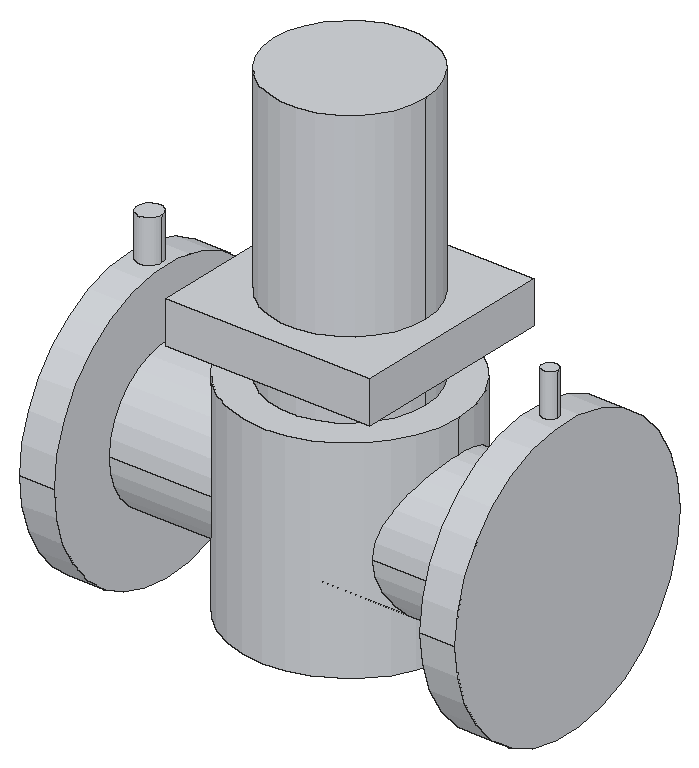
Revit family "PV_Compact_PN16_DN080_(50-200kPa)_RFA_2018", category Pipe Accessories, Revit 2018
Family settings
  Round Connector Dimension = Use Diameter
  Part Type = Valve - Breaks Into
  Work Plane-Based = No
  Always vertical = Yes
  Cut with Voids When Loaded = No
  Shared = No
Parameters (values of type "PV Compact PN16 DN080 (50-200kPa)")
  magiProductId = "56ecf79d7ca14ffb95f20ac45086c0"
  magiProductFamilyId = "c8b2eac19a98445b953ec5ab518664"
  magiPartTypeId = 304
  isMeasuringValve [instance] = no
  ang2D [instance] = 0.00°
  W2D = 50 mm
  VersionID = "2.0/2018.12.13.2/FRESE_PV_COMPACT_BIG_Q13_001"
  Use Minimum Symbol Size [instance] = no
  URL = "www.hydronic.cz"
  Type Comments = "PŘÍRUBOVÝ; PN16; dpmax=1000kPa; -10~+120°C"
  R4 = 54.25 mm
  R3 = 52 mm
  R1 = 77.5 mm
  QmdConnectorList = "301;D;302;D"
  Productdata [instance] = ""
  Manufacturer = "Hydronic Systems Prague s.r.o."
  Maintenance Zone Under Depth [instance] = 100 mm
  Maintenance Zone Right Depth [instance] = 100 mm
  Maintenance Zone Over Depth [instance] = 100 mm
  Maintenance Zone Left Depth [instance] = 100 mm
  Maintenance Zone Front Depth [instance] = 100 mm
  Maintenance Zone Back Depth [instance] = 100 mm
  Maintenance Zone Front Visibility [instance] = no
  MC Use Limits From Balancing Method = no
  MC Throttling Minimum Value = 0
  MC Throttling Maximum Value = 0
  MC Product Code = "53-3307 DN080 PN16; nastavitelný rozsah dp=50~200kPa; Q=20,5~82,1 m3/h;  kvs=67"
  MC Pressure Drop Minimum Value = 0.0 Pa
  MC Pressure Drop Maximum Value = 0.0 Pa
  MC Piping Given Pressure Drop [instance] = 0.0 Pa
  LF__ve = -LF  # -24.8 mm
  LF2 = 12.4 mm
  LF = 24.8 mm
  L4 = 145.7 mm
  L3 = 260.4 mm
  L2D_Min = 30.48 mm
  L2D = 230 mm
  L2 = 155 mm
  H6 = 141 mm
  H4 = 30 mm
  H3 = 25 mm
  H2 = 75 mm
  H1 = 150 mm
  Description = "Nastavitelný regulátor tlakové diference"
  DF2 = 100 mm
  D = 80 mm
  Clearance Zone Height Depth [instance] = 100 mm
  Clearance Zone Circular Radius [instance] = 155 mm
  Clearance Zone Visibility [instance] = no
  CAT0 = yes
Types (4, lengths in mm): name | magiProductId | R4 | R3 | R1 | MC Product Code | LF__ve | LF2 | LF | L4 | L3 | L2 | H6 | H4 | H3 | H2 | H1 | DF2 | D | Clearance Zone Circular Radius
  PV Compact PN16 DN050 (50-200kPa) | "81e9f5a937864fb894d80a4a75c60c" | 40.25 | 42.9 | 57.5 | "53-3301 DN050 PN16; nastavitelný rozsah dp=50~200kPa; Q=5,1~20,5 m3/h;  kvs=29" | -18.4 | 9.2 | 18.4 | 108.1 | 193.2 | 115 | 82.25 | 24.75 | 20.625 | 61.875 | 123.75 | 82.5 | 50 | 115
  PV Compact PN16 DN065 (50-200kPa) | "62e5150a15b74f6ebf91ec17767c09" | 50.75 | 48.1 | 72.5 | "53-3304 DN065 PN16; nastavitelný rozsah dp=50~200kPa; Q=7,4~29,7 m3/h;  kvs=42" | -23.2 | 11.6 | 23.2 | 136.3 | 243.6 | 145 | 105.25 | 27.75 | 23.125 | 69.375 | 138.75 | 92.5 | 65 | 145
  PV Compact PN16 DN080 (50-200kPa) | "56ecf79d7ca14ffb95f20ac45086c0" | 54.25 | 52 | 77.5 | "53-3307 DN080 PN16; nastavitelný rozsah dp=50~200kPa; Q=20,5~82,1 m3/h;  kvs=67" | -24.8 | 12.4 | 24.8 | 145.7 | 260.4 | 155 | 141 | 30 | 25 | 75 | 150 | 100 | 80 | 155
  PV Compact PN16 DN100 (50-200kPa) | "238894349c704e30980898d6a42884" | 61.25 | 61.1 | 87.5 | "53-3310 DN100 PN16; nastavitelný rozsah dp=50~200kPa; Q=20,3~81,3 m3/h;  kvs=115" | -28 | 14 | 28 | 164.5 | 294 | 175 | 234.75 | 35.25 | 29.375 | 88.125 | 176.25 | 117.5 | 100 | 175
Reference planes
  plane 1 "Center (Front/Back)": y = 0
  plane 2 "XYPLANE": z = 0
  plane 3 "Center (Left/Right)": x = 0
  plane 4 "257": y = -100
  plane 5 "256": y = 100
  plane 6 "255": z = -100
  plane 7 "254": y = -200
  plane 8 "253": y = 200
  plane 9 "252": x = -255
  plane 10 "251": x = 255
  plane 11 "250": z = 371
  plane 12 "249": z = -200
  plane 13 "248": z = 371
  plane 14 "247": z = 271
  plane 15 "157": x = 142.6
  plane 16 "156": x = -142.6
  plane 17 "155": z = 100
  plane 18 "154": z = 130
  plane 19 "153": z = 100
  plane 20 "152": z = 75
  plane 21 "151": x = -130.2
  plane 22 "150": z = -75
  plane 23 "149": x = 0
  plane 24 "148": y = 0
  plane 25 "147": z = 0
  plane 26 "146": x = -155
  plane 27 "145": x = 155
Forms (mm)
  Blend 1, solid, visible <- "Maintenance Zone Front Visibility"
    base sketch origin (-750, 0, -200) x (1, 0, 0) y (0, 1, 0)
      loop
        line (495, 200) -> (495, -200) -> (1005, -200) -> (1005, 200) -> (495, 200)
    top sketch origin (-750, 0, -200) x (1, 0, 0) y (0, 1, 0)
      loop
        line (495, 200) -> (495, -200) -> (1005, -200) -> (1005, 200) -> (495, 200)
    from 0 to 571
  Blend 2, solid, visible <- "Clearance Zone Visibility"
    base sketch origin (-750, 0, 0) x (1, 0, 0) y (0, 1, 0)
      loop
        circle (750, 0) r 155
    top sketch origin (-750, 0, 0) x (1, 0, 0) y (0, 1, 0)
      loop
        circle (750, 0) r 155
    from 0 to 371
  Extrusion 3, solid, visible <- "CAT0"
    sketch origin (-750, 0, 100) x (1, 0, 0) y (0, 1, 0)
      loop
        circle (892.6, 0) r 5.5
    from 0 to 30
  Extrusion 4, solid, visible <- "CAT0"
    sketch origin (-750, 0, 100) x (1, 0, 0) y (0, 1, 0)
      loop
        circle (607.4, 0) r 8.7
    from 0 to 30
  Extrusion 5, solid
    sketch origin (-750, 0, 130) x (1, 0, 0) y (0, 1, 0)
      loop
        circle (750, 0) r 54.25
    from 0 to 141 <- "H6"
  Extrusion 6, solid, visible <- "CAT0"
    sketch origin (-750, 0, 100) x (1, 0, 0) y (0, 1, 0)
      loop
        line (822.85, 72.85) -> (677.15, 72.85) -> (677.15, -72.85) -> (822.85, -72.85) -> (822.85, 72.85)
    from 0 to 30 <- "H4"
  Extrusion 7, solid, visible <- "CAT0"
    sketch origin (-750, 0, 75) x (1, 0, 0) y (0, 1, 0)
      loop
        circle (750, 0) r 54.25
    from 0 to 25 <- "H3"
  Extrusion 8, solid, visible <- "CAT0"
    sketch origin (-130.2, -750, 0) x (0, 1, 0) y (0, 0, 1)
      loop
        circle (750, 0) r 52
    from 0 to 260.4 <- "L3"
  Extrusion 9, solid, visible <- "CAT0"
    sketch origin (-750, 0, -75) x (1, 0, 0) y (0, 1, 0)
      loop
        circle (750, 0) r 77.5
    from 0 to 150 <- "H1"
  Extrusion 10, solid, visible <- "CAT0"
    sketch origin (-155, -750, 0) x (0, 1, 0) y (0, 0, 1)
      loop
        circle (750, 0) r 100
    from 0 to 24.8 <- "LF"
  Extrusion 11, solid, visible <- "CAT0"
    sketch origin (155, -750, 0) x (0, 1, 0) y (0, 0, 1)
      loop
        circle (750, 0) r 100
    from 0 to -24.8 <- "LF__ve"
  Extrusion 12, solid, not visible
    sketch origin (-155, -750, 0) x (0, 1, 0) y (0, 0, 1)
      loop
        circle (750, 0) r 10
    from 0 to 10
  Extrusion 13, solid, not visible
    sketch origin (155, -750, 0) x (0, 1, 0) y (0, 0, 1)
      loop
        circle (750, 0) r 10
    from 0 to -10
Lines and regions (mm)
  reference lines, not visible
    curve 1: circle (2, 2, 0) r 1 normal (0, 0, 1)
  reference lines
    curve 2: circle (0, 0, 100) r 1 normal (0, 0, 1)
Dimensions and locks
  plane 1 "Center (Front/Back)" to curve 1 = 2 mm
  "DF2": plane 24 "148" to plane 4 "257"
  "DF2": plane 24 "148" to plane 5 "256"
  "DF2": plane 25 "147" to plane 6 "255"
  "Maintenance Zone Front Depth": plane 4 "257" to plane 7 "254"
  "Maintenance Zone Back Depth": plane 5 "256" to plane 8 "253"
  "Maintenance Zone Left Depth": plane 26 "146" to plane 9 "252"
  "Maintenance Zone Right Depth": plane 27 "145" to plane 10 "251"
  "Maintenance Zone Over Depth": plane 14 "247" to plane 11 "250"
  "Maintenance Zone Under Depth": plane 6 "255" to plane 12 "249"
  "Clearance Zone Height Depth": plane 14 "247" to plane 13 "248"
  "H6": plane 18 "154" to plane 14 "247"
  "LF2": plane 27 "145" to plane 15 "157"
  "LF2": plane 26 "146" to plane 16 "156"
  "DF2": plane 2 "XYPLANE" to plane 17 "155"
  "H4": plane 19 "153" to plane 18 "154"
  "H3": plane 20 "152" to plane 19 "153"
  "H1": plane 22 "150" to plane 20 "152"
  "LF": plane 26 "146" to plane 21 "151"
  "H2": plane 2 "XYPLANE" to plane 22 "150"
  locked: plane 3 "Center (Left/Right)" to plane 23 "149"
  locked: plane 1 "Center (Front/Back)" to plane 24 "148"
  locked: plane 2 "XYPLANE" to plane 25 "147"
  "L2": plane 3 "Center (Left/Right)" to plane 26 "146"
  "L2": plane 3 "Center (Left/Right)" to plane 27 "145"
  Blend 1 sketch curve to Blend 1 sketch curve = 0 mm  (x16)
  equal spacing: Extrusion 6 sketch curve, curve 2, Extrusion 6 sketch curve  (x2)
  "L4": Extrusion 6 sketch curve to Extrusion 6 sketch curve  (x2)
  Extrusion 6 sketch curve to Extrusion 6 sketch curve = 0 mm  (x8)
  "Clearance Zone Circular Radius": radius of Blend 2 sketch curve  (x2)
  "R4": radius of Extrusion 5 sketch curve
  "R4": radius of Extrusion 7 sketch curve
  "R3": radius of Extrusion 8 sketch curve
  "R1": radius of Extrusion 9 sketch curve
  "DF2": radius of Extrusion 10 sketch curve
  "DF2": radius of Extrusion 11 sketch curve
  aligned and locked: level to plane 2 "XYPLANE"
  aligned and locked: Blend 1 sketch curve to plane 8 "253"  (x2)
  aligned and locked: plane 9 "252" to Blend 1 sketch curve  (x4)
  aligned and locked: plane 10 "251" to Blend 1 sketch curve  (x4)
  aligned and locked: plane 8 "253" to Blend 1 sketch curve  (x2)
  aligned and locked: plane 7 "254" to Blend 1 sketch curve  (x4)
  aligned and locked: plane 11 "250" to Blend 1
  aligned and locked: plane 23 "149" to Blend 2 sketch curve  (x2)
  aligned and locked: plane 24 "148" to Blend 2 sketch curve  (x2)
  aligned and locked: plane 13 "248" to Blend 2
  aligned and locked: plane 15 "157" to Extrusion 3 sketch curve
  aligned and locked: plane 24 "148" to Extrusion 3 sketch curve
  aligned and locked: plane 16 "156" to Extrusion 4 sketch curve
  aligned and locked: plane 24 "148" to Extrusion 4 sketch curve
  aligned and locked: plane 23 "149" to Extrusion 5 sketch curve
  aligned and locked: plane 24 "148" to Extrusion 5 sketch curve
  aligned and locked: plane 23 "149" to curve 2
  aligned and locked: plane 24 "148" to curve 2
  aligned and locked: plane 23 "149" to Extrusion 7 sketch curve
  aligned and locked: plane 24 "148" to Extrusion 7 sketch curve
  aligned and locked: Extrusion 8 sketch curve to plane 24 "148"
  aligned and locked: plane 25 "147" to Extrusion 8 sketch curve
  aligned and locked: plane 23 "149" to Extrusion 9 sketch curve
  aligned and locked: plane 24 "148" to Extrusion 9 sketch curve
  aligned and locked: Extrusion 10 sketch curve to plane 24 "148"
  aligned and locked: plane 25 "147" to Extrusion 10 sketch curve
  aligned and locked: Extrusion 11 sketch curve to plane 24 "148"
  aligned and locked: plane 25 "147" to Extrusion 11 sketch curve
  aligned and locked: Extrusion 12 sketch curve to plane 24 "148"
  aligned and locked: plane 25 "147" to Extrusion 12 sketch curve
  aligned and locked: Extrusion 13 sketch curve to plane 24 "148"
  aligned and locked: plane 25 "147" to Extrusion 13 sketch curve
Automatic sketch dimensions
  Extrusion 3 sketch curve to plane 15 "157" = 5.5 mm
  plane 26 "146" to Extrusion 4 sketch curve = 3.7 mm
  plane 1 "Center (Front/Back)" to Extrusion 12 sketch curve = 10 mm
  plane 1 "Center (Front/Back)" to Extrusion 13 sketch curve = 10 mm
  plane 3 "Center (Left/Right)" to curve 1 = 2 mm
  plane 21 "151" to Extrusion 6 sketch curve = 57.35 mm
  plane 4 "257" to Extrusion 6 sketch curve = 27.15 mm
  radius of curve 2 = 1 mm
  radius of curve 1 = 1 mm
Connectors
  piping at (-155, 0, 0), diameter 80, driven by "D"
    settings: on Extrusion 12, index 1, connector inside diameter 609.6 mm, connector length 0 mm, flow factor 0, pipe flow 0.0 L/s, pressure drop 0.0 Pa, fitting loss kfactor 0, connector angle 0.00°, fixture units 0, engagement length 0 mm, angle of deflection 0.00°, flow configuration 0, flow direction 0, fitting loss method 0, system type 29, joint type 0, gender type 0, connector reference index 2, connector utility 0, adjustable connector no, is connector primary yes, connector description ""
  piping at (155, 0, 0), diameter 80, driven by "D"
    settings: on Extrusion 13, index 2, connector inside diameter 609.6 mm, connector length 0 mm, flow factor 0, pipe flow 0.0 L/s, pressure drop 0.0 Pa, fitting loss kfactor 0, connector angle 0.00°, fixture units 0, engagement length 0 mm, angle of deflection 0.00°, flow configuration 0, flow direction 0, fitting loss method 0, system type 29, joint type 0, gender type 0, connector reference index 1, connector utility 0, adjustable connector no, is connector primary no, connector description ""
